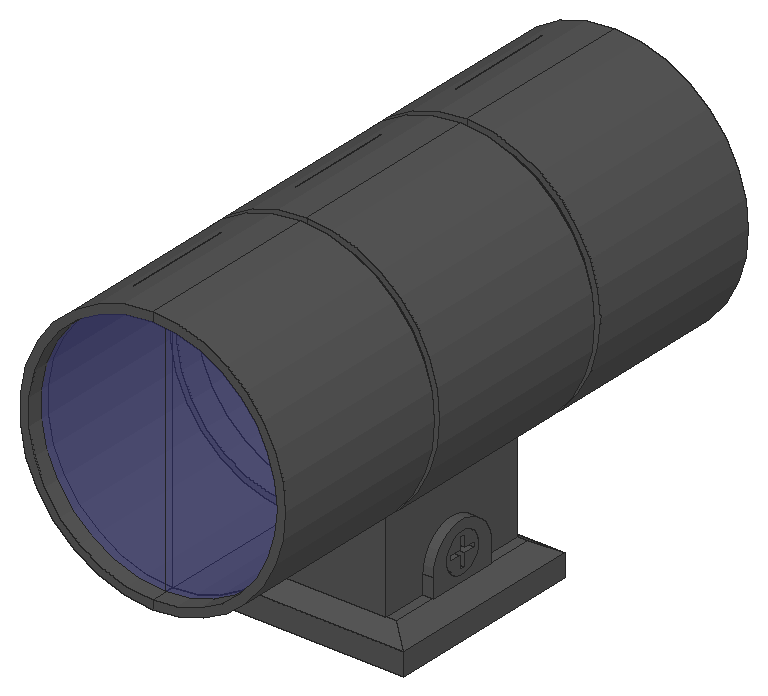
Revit family "CARLO CYLINDER LIGHT WALL MOUNT", category Lighting Fixtures, host Face, Revit 2020 (continued)
Types (10): name | Wattage_Input | Wattage Comments | Wattage | Photometric Web File | built-in parameter 1150142 | Model | built-in parameter 1150105 | Lumens | Light Length 1 | LIGHT RADIUS | LIGHT PLACEMENT | LIGHT LENGTH | LIGHT DIA | built-in parameter 1150106 | FIXED END HEIGHT | Curve base Height | Base Curve | BEAMING ANGLE | Apparent Load
    0.239 21.738 23.557 25.95 28.579 31.181 33.777 36.201 38.757 41.602 \r\n 45.017 47.897 54.548 70.373 90.974 113.82 138.71 164.33 191.45 220.81 \r\n 251.17 281.52 311.82 342.18 371.15 397.4 420.65 440.51 455.99 464.94 \r\n 470.58 475.44 479.5 483.77 487.74 491.12 494.26 497.4 500.59 504.01 \r\n 507.44 510.69 513.91 517.28 520.55 523.34 526.12 529.23 532.62 536.26 \r\n 540.39 545.2 550.78 557.21 564.72 573.48 583.74 595.5 609.74 627.36 \r\n 648.53 673.55 703 737.21 777.25 822.68 878.22 950.28 1033.4 1123.9 \r\n 1223.3 1330.4 1450.3 1588.7 1742.2 1909.4 2089.2 2282.7 2482.4 2680 \r\n 2878.8 3080.2 3282 3483.7 3682 3873.5 4057.9 4234.8 4401.6 4553.9 \r\n 4696.5 4835.5 4963.1 5073.2 5168.3 5248.4 5315.5 5370.9 5416 5452.4 \r\n 5509.6 \r\n5444.5 5347 5282 5208.3 5122.2 5019.4 4902.5 4772.8 4630 4474.8 \r\n 4306.1 4122.2 3926 3717.7 3503.2 3288.4 3073.7 2861.6 2652.2 2445.3 \r\n 2244.1 2051.4 1868.4 1695.9 1538.3 1400.1 1281.3 1187.8 1106.9 1026.3 \r\n 949.82 874.87 808.87 761.12 723.4 690.34 662.64 639.52 620.05 603 \r\n 588.54 576.62 566.63 557.94 550.51 544.19 538.77 534.02 529.76 525.6 \r\n 521.83 518.77 515.89 512.66 509.4 506.26 503.18 500.12 497.2 494.62 \r\n 492.19 489.82 487.5 485.25 483.01 480.89 478.43 475.05 471.16 467.4 \r\n 462.46 455.99 445.67 428.18 406.09 380.61 352.59 323.18 292.79 262.23 \r\n 231.44 200.29 169.88 140.79 114.56 93.602 75.909 59.306 46.697 41.915 \r\n 40.003 36.832 33.747 30.609 27.75 25.512 23.731 22.466 21.386 20.093 \r\n 18.837 17.783 16.787 15.739 14.698 13.688 12.713 11.787 10.902 10.058 \r\n 9.2446 8.4458 7.6844 6.9749 6.3268 5.7583 5.2583 4.8257 4.4497 4.124 \r\n 3.8343 3.5598 3.3132 3.1027 2.9206 2.765 2.6265 2.4935 2.3712 2.2624 \r\n 2.1631 2.0704 1.9844 1.9047 1.8303 1.7602 1.6942 1.633 1.5736 1.5126 \r\n 1.4521 1.3935 1.3362 1.2798 1.2247 1.1709 1.1188 1.0698 1.0205 0.96595 \r\n 0.9115 0.86132 0.81385 0.76948 0.72653 0.68315 0.64019 0.59715 0.55616 0.51965 \r\n 0.48623 0.45611 0.4269 0.39609 0.36435 0.33302 0.30119 0.26746 0.23467 0.20643 \r\n 0.17908 0.15041 0.11974 0.083213 0.048094 0.019569 0 0 0 0 \r\n 0 0 0 0 0 0.0016281 0.014796 0.058666 0.10711 0.13574 \r\n 0.15854 0.18224 0.20427 0.22255 0.24226 0.26963 0.29938 0.32829 0.35782 0.38838 \r\n 0.41978 0.45169 0.48486 0.52021 0.55694 0.59327 0.63305 0.68193 0.73283 0.77916 \r\n 0.82512 0.87269 0.92188 0.9744 1.0271 1.0761 1.1257 1.1799 1.2362 1.2929 \r\n 1.3524 1.4178 1.4855 1.5523 1.6203 1.689 1.7622 1.8443 1.9329 2.0252 \r\n 2.1265 2.2428 2.3687 2.4973 2.6389 2.8016 2.9856 3.1924 3.4266 3.6918 \r\n 3.9921 4.3288 4.7133 5.1606 5.6613 6.2082 6.8101 7.4831 8.1982 8.9195 \r\n 9.684 10.531 11.417 12.294 13.205 14.173 15.199 16.301 17.458 18.631 \r\n 19.904 21.295 22.957 25.132 27.576 30.163 32.78 35.151 37.637 40.477 \r\n 43.763 46.029 52.184 68.567 89.423 110.89 133.63 156.42 181.15 210.17 \r\n 240.94 271.73 302.48 332.87 361.92 388.62 412.63 433.66 450.61 461.38 \r\n 468.59 473.92 478.05 482.43 486.45 489.84 492.99 496.19 499.42 502.85 \r\n 506.26 509.43 512.58 515.98 519.35 522.4 525.43 528.61 532.04 535.82 \r\n 540.04 544.82 550.23 556.28 563.28 571.46 581.08 592.18 605.58 622.06 \r\n 641.82 665.12 692.53 724.31 761.63 803.69 856.71 929.86 1013.5 1100.3 \r\n 1192.9 1288.6 1396.9 1528.1 1676.4 1840.1 2017.1 2206.8 2403.1 2598.3 \r\n 2796 2998.6 3202.8 3406.9 3607.9 3802.4 3990.6 4173 4345.5 4502.4 \r\n 4649.4 4792.5 4925 5041.7 5143.3 5227.6 5298.5 5358.5 5408.2 5449.4 \r\n 5509.6 \r\n5444.5 5346.9 5281.9 5208.7 5123.2 5020.9 4904.5 4775.4 4633.5 4479.5 \r\n 4311.8 4127.5 3931.1 3724.6 3512.5 3299.4 3086.5 2876.5 2668.5 2461 \r\n 2258.6 2064.9 1880.8 1707.1 1548.1 1409.5 1289 1188.9 1101.3 1018.3 \r\n 942.35 871.91 810.51 762.82 723.96 690.64 662.78 639.52 619.91 602.6 \r\n 587.87 575.75 565.6 556.82 549.34 542.98 537.47 532.46 527.91 523.57 \r\n 519.68 516.57 513.69 510.52 507.31 504.15 501.03 497.91 494.98 492.48 \r\n 490.14 487.7 485.35 483.25 481.15 478.97 476.4 473.06 469.18 465.37 \r\n 460.12 452.7 441.28 422.92 400.19 374.41 346.29 316.76 286.37 256.07 \r\n 225.66 194.86 164.88 136.51 110.79 89.126 71.147 56.786 46.562 42.146 \r\n 40.013 36.814 33.683 30.538 27.676 25.411 23.6 22.315 21.223 19.936 \r\n 18.689 17.637 16.641 15.596 14.559 13.554 12.582 11.652 10.766 9.9327 \r\n 9.1344 8.3483 7.5965 6.8876 6.2399 5.6816 5.1918 4.7594 4.3828 4.0634 \r\n 3.7812 3.5123 3.2696 3.0602 2.8779 2.7216 2.5821 2.4485 2.3256 2.2161 \r\n 2.1163 2.0235 1.9375 1.8574 1.783 1.7137 1.6489 1.5893 1.531 1.4686 \r\n 1.4066 1.3478 1.2906 1.234 1.1789 1.1254 1.0739 1.0264 0.97847 0.924 \r\n 0.86975 0.82154 0.77599 0.73202 0.68862 0.64338 0.59944 0.55947 0.52242 0.48803 \r\n 0.45658 0.4297 0.40309 0.37183 0.33951 0.30941 0.27906 0.24577 0.21352 0.18697 \r\n 0.16141 0.13399 0.10375 0.06463 0.029078 0.0098721 0 0 0 0 \r\n 0 0 0 0 0 0 0.0078068 0.055564 0.10947 0.1415 \r\n 0.16643 0.19003 0.21127 0.22972 0.24945 0.27588 0.30465 0.33355 0.36402 0.39725 \r\n 0.43183 0.46631 0.50195 0.54009 0.579 0.61586 0.65518 0.70239 0.75186 0.79869 \r\n 0.84614 0.89652 0.94779 0.99855 1.0492 1.099 1.1499 1.2037 1.2593 1.315 \r\n 1.3737 1.4391 1.5067 1.5722 1.6385 1.7062 1.7779 1.8567 1.9422 2.0344 \r\n 2.1352 2.2475 2.3682 2.4926 2.6287 2.7821 2.9555 3.1507 3.3755 3.6405 \r\n 3.9384 4.2591 4.6222 5.0432 5.5236 6.0756 6.6818 7.3292 8.0162 8.7283 \r\n 9.4904 10.34 11.224 12.082 12.977 13.969 15.01 16.063 17.167 18.345 \r\n 19.607 20.918 22.448 24.398 26.644 29.212 31.852 34.191 36.631 39.444 \r\n 42.646 44.616 50.536 67.28 88.149 108.28 129.03 149.13 171.61 200.37 \r\n 231.59 262.82 293.98 324.4 353.48 380.58 405.26 427.28 445.48 458.05 \r\n 466.83 472.6 476.77 481.2 485.21 488.59 491.72 494.91 498.13 501.55 \r\n 504.92 507.97 511.04 514.47 517.95 521.26 524.56 527.86 531.38 535.32 \r\n 539.67 544.45 549.72 555.43 561.97 569.64 578.68 589.19 601.85 617.28 \r\n 635.72 657.41 682.91 712.35 747.18 786.48 837.43 911.26 994.94 1078 \r\n 1164.1 1249 1346.3 1470.5 1613.7 1773.9 1948 2133.6 2326.2 2519.1 \r\n 2716 2919.9 3126.4 3332.6 3536.2 3733.4 3925.1 4112.9 4291.2 4452.7 \r\n 4604 4751.1 4888 5011 5118.9 5207.4 5281.9 5346.4 5400.7 5446.5 \r\n 5509.6 \r\n5444.5 5350.8 5286.3 5214.1 5129.7 5028.1 4912.5 4784.5 4643.7 4491.1 \r\n 4324.7 4140.4 3944.3 3739.8 3530.1 3318.9 3107.7 2899.9 2693.4 2485.5 \r\n 2281.7 2086.5 1900.7 1725.2 1564.5 1424.9 1302.1 1194.8 1100.1 1014.4 \r\n 938.42 872.07 814.92 766.96 726.69 692.87 664.64 641.07 621.16 603.5 \r\n 588.42 576 565.61 556.67 549.07 542.62 536.97 531.68 526.83 522.31 \r\n 518.29 515.09 512.17 509.02 505.84 502.67 499.52 496.35 493.38 490.95 \r\n 488.67 486.15 483.74 481.78 479.82 477.58 474.94 471.66 467.82 463.99 \r\n 458.46 450.11 437.65 418.65 395.5 369.58 341.45 311.85 281.5 251.42 \r\n 221.33 190.82 161.2 133.47 108.15 85.648 67.233 54.9 46.84 42.597 \r\n 40.103 36.855 33.697 30.55 27.683 25.38 23.525 22.21 21.1 19.819 \r\n 18.585 17.531 16.531 15.489 14.456 13.455 12.485 11.551 10.663 9.8397 \r\n 9.0544 8.2786 7.5342 6.8257 6.1781 5.6275 5.1449 4.7109 4.3321 4.0169 \r\n 3.7404 3.4762 3.237 3.0284 2.8454 2.6878 2.5468 2.4122 2.2884 2.1779 \r\n 2.0773 1.984 1.8977 1.8171 1.7423 1.6736 1.6097 1.5511 1.4932 1.4296 \r\n 1.3662 1.3072 1.2501 1.1933 1.1381 1.0848 1.0338 0.98747 0.94064 0.88637 \r\n 0.8325 0.78627 0.74257 0.69875 0.65475 0.60802 0.56344 0.52626 0.49277 0.46052 \r\n 0.43094 0.40641 0.38159 0.35008 0.31751 0.28872 0.25989 0.22712 0.1954 0.17025 \r\n 0.1461 0.11964 0.089605 0.04782 0.01164 0.00094735 0 0 0 0 \r\n 0 0 0 0 0 0 0.00282 0.053668 0.1119 0.14688 \r\n 0.17376 0.19728 0.21798 0.23707 0.25727 0.28273 0.31036 0.3391 0.37039 0.40624 \r\n 0.44391 0.48063 0.5184 0.55924 0.60029 0.63769 0.67654 0.72211 0.77013 0.81725 \r\n 0.86593 0.91888 0.97208 1.0212 1.0699 1.1208 1.1729 1.2265 1.2813 1.3362 \r\n 1.3942 1.4595 1.5268 1.5911 1.6561 1.7228 1.7933 1.8693 1.9522 2.0444 \r\n 2.1449 2.2534 2.3693 2.4902 2.6216 2.7668 2.9307 3.1159 3.3326 3.5977 \r\n 3.8937 4.2 4.5435 4.9406 5.4023 5.9594 6.5698 7.1936 7.855 8.5616 \r\n 9.324 10.174 11.055 11.895 12.777 13.791 14.848 15.857 16.912 18.094 \r\n 19.351 20.605 22.027 23.762 25.814 28.357 31.019 33.343 35.757 38.526 \r\n 41.671 43.584 49.422 66.186 86.736 105.68 124.77 142.66 163.33 191.93 \r\n 223.61 255.22 286.75 317.19 346.32 373.78 399.05 421.84 441.09 455.27 \r\n 465.49 471.65 475.8 480.23 484.18 487.5 490.57 493.69 496.84 500.2 \r\n 503.51 506.44 509.41 512.85 516.44 519.98 523.53 526.97 530.61 534.71 \r\n 539.18 543.98 549.15 554.58 560.73 567.96 576.5 586.53 598.54 613.04 \r\n 630.28 650.52 674.29 701.6 734.2 771.3 820.48 894.17 977.02 1056.4 \r\n 1136.6 1212.3 1300.1 1418 1556.3 1713.1 1884.1 2065.7 2254.7 2445.8 \r\n 2642.3 2847.3 3055.7 3263.7 3469.4 3669.1 3864.1 4056.9 4240.6 4406.8 \r\n 4562.4 4713.2 4854 4982.8 5096.5 5189 5267.1 5335.6 5394.3 5444.3 \r\n 5509.6 \r\n5444.5 5365.3 5301.6 5230.5 5147.3 5046.4 4931.5 4804.4 4664.6 4513.2 \r\n 4347.7 4164.2 3968.9 3765.8 3557.6 3347.8 3138 2931.6 2726.2 2518.5 \r\n 2314 2116.3 1927.7 1750.3 1587.8 1446.3 1320.8 1208.2 1108.3 1019.6 \r\n 942.49 877.57 822.18 773.85 732.63 698.12 669.24 645.15 624.8 606.77 \r\n 591.36 578.6 567.89 558.71 550.9 544.25 538.39 532.85 527.77 523.1 \r\n 518.96 515.63 512.59 509.34 506.11 502.97 499.85 496.6 493.56 491.2 \r\n 488.98 486.4 483.93 482.12 480.33 478.12 475.51 472.36 468.64 464.88 \r\n 459.19 450.11 436.84 417.36 393.89 367.76 339.47 309.65 279.11 249.01 \r\n 218.94 188.43 158.82 131.2 105.89 82.864 64.272 53.345 46.773 42.685 \r\n 39.999 36.799 33.709 30.632 27.808 25.464 23.543 22.177 21.034 19.759 \r\n 18.54 17.477 16.469 15.429 14.402 13.402 12.434 11.498 10.61 9.7961 \r\n 9.0203 8.2475 7.5046 6.7989 6.1541 5.6067 5.1261 4.6905 4.3101 3.9968 \r\n 3.7233 3.4619 3.2249 3.0168 2.8334 2.6751 2.5332 2.3982 2.274 2.1626 \r\n 2.061 1.967 1.8802 1.7989 1.7236 1.6549 1.5909 1.5316 1.4729 1.4088 \r\n 1.3449 1.2858 1.2287 1.1718 1.1165 1.0631 1.0121 0.96583 0.91925 0.86525 \r\n 0.81196 0.76729 0.7249 0.68061 0.63587 0.5892 0.54506 0.50871 0.47631 0.44556 \r\n 0.41707 0.39199 0.3664 0.33499 0.30309 0.27592 0.24858 0.21626 0.18478 0.16043 \r\n 0.13703 0.11093 0.080825 0.03749 0.0010498 0 0 0 0 0 \r\n 0 0 0 0 0 0 0 0.050992 0.11003 0.14632 \r\n 0.1744 0.19796 0.21873 0.23936 0.26079 0.28536 0.31159 0.33981 0.3714 0.40935 \r\n 0.44924 0.48643 0.52451 0.56696 0.6095 0.64704 0.68551 0.73048 0.77787 0.82452 \r\n 0.87316 0.92721 0.98139 1.0297 1.0777 1.1294 1.1826 1.2363 1.2908 1.3456 \r\n 1.4033 1.468 1.5347 1.5989 1.6637 1.7303 1.8003 1.8749 1.9565 2.0486 \r\n 2.1487 2.2549 2.3682 2.4873 2.6164 2.7568 2.915 3.0946 3.3062 3.5687 \r\n 3.8605 4.1563 4.4869 4.8698 5.3198 5.8747 6.4829 7.0931 7.7425 8.4522 \r\n 9.2184 10.06 10.931 11.764 12.643 13.666 14.725 15.71 16.736 17.911 \r\n 19.154 20.366 21.714 23.3 25.213 27.722 30.383 32.704 35.098 37.798 \r\n 40.848 42.78 48.365 64.024 83.34 101.53 120.12 137.7 158.27 187.07 \r\n 219.04 250.87 282.61 313.25 342.64 370.52 396.3 419.64 439.55 454.71 \r\n 465.76 472.07 476.1 480.38 484.13 487.29 490.18 493.06 496 499.26 \r\n 502.5 505.27 508.11 511.57 515.22 518.81 522.42 525.98 529.74 533.92 \r\n 538.42 543.21 548.31 553.61 559.57 566.55 574.78 584.47 596.02 609.81 \r\n 626.14 645.26 667.7 693.47 724.4 759.93 807.16 877.9 957.34 1033.2 \r\n 1109.8 1181.7 1265.6 1379.2 1513.5 1666.8 1834.7 2013.1 2199.9 2391.4 \r\n 2589.1 2794.7 3003.6 3212.2 3418.8 3620.5 3818.4 4015.3 4203.6 4374.4 \r\n 4534.2 4688 4831.8 4964.4 5082 5178.6 5260.5 5332.2 5393.8 5446.9 \r\n 5509.6 \r\n5444.5 5389.5 5326.9 5257 5174.8 5074.5 4960.1 4833.9 4695.1 4544.2 \r\n 4379.5 4197.5 4003.7 3801.2 3593.6 3384.6 3175.6 2970 2765.2 2558.3 \r\n 2353.6 2153 1960.8 1781.4 1617 1472.8 1344.2 1228.5 1125.5 1034.1 \r\n 954.75 888.46 832.18 783.25 741.5 706.13 676.37 651.56 630.63 612.24 \r\n 596.54 583.41 572.33 562.83 554.72 547.77 541.65 535.91 530.67 525.89 \r\n 521.65 518.15 514.93 511.48 508.1 505.03 502 498.66 495.52 493.2 \r\n 491.05 488.41 485.91 484.24 482.64 480.56 478.07 475.11 471.56 467.96 \r\n 462.24 452.66 438.8 419 395.26 368.83 340.19 309.97 279.05 248.66 \r\n 218.32 187.51 157.58 129.56 103.93 80.786 62.334 52.107 46.258 42.34 \r\n 39.684 36.638 33.706 30.776 28.045 25.659 23.652 22.218 21.024 19.754 \r\n 18.55 17.475 16.451 15.413 14.392 13.393 12.424 11.491 10.607 9.7994 \r\n 9.029 8.2521 7.5051 6.805 6.1664 5.6175 5.1336 4.6968 4.3158 4.0026 \r\n 3.7295 3.4687 3.2323 3.0244 2.8412 2.6828 2.541 2.4063 2.2823 2.1701 \r\n 2.0674 1.9726 1.885 1.8032 1.7275 1.6581 1.5931 1.5314 1.4707 1.4067 \r\n 1.3435 1.2844 1.2272 1.1703 1.1148 1.0611 1.0095 0.96243 0.9152 0.8615 \r\n 0.80891 0.76526 0.72354 0.67824 0.63265 0.58759 0.54496 0.50741 0.47352 0.44347 \r\n 0.41521 0.38685 0.3581 0.32696 0.29656 0.27119 0.24528 0.21334 0.18188 0.15776 \r\n 0.13447 0.10799 0.077723 0.035315 0 0 0 0 0 0 \r\n 0 0 0 0 0 0 0 0.047786 0.10362 0.13947 \r\n 0.16801 0.19171 0.21315 0.23612 0.25949 0.28331 0.30798 0.33537 0.36676 0.40611 \r\n 0.44716 0.48299 0.51952 0.56236 0.6056 0.64293 0.68115 0.72662 0.77425 0.81971 \r\n 0.86701 0.92066 0.97482 1.0234 1.0718 1.1241 1.1779 1.232 1.287 1.3422 \r\n 1.4001 1.4636 1.5295 1.5945 1.6606 1.7277 1.7979 1.8727 1.9541 2.0459 \r\n 2.1454 2.2511 2.3639 2.4832 2.6122 2.7513 2.9079 3.0863 3.2955 3.5525 \r\n 3.8378 4.1272 4.4518 4.8308 5.276 5.8208 6.4201 7.0277 7.6791 8.3998 \r\n 9.173 9.9979 10.851 11.689 12.575 13.59 14.64 15.621 16.641 17.796 \r\n 19.012 20.196 21.502 23.009 24.843 27.307 29.943 32.272 34.653 37.267 \r\n 40.179 42.152 47.273 60.747 77.976 95.876 115.11 134.28 156.49 185.8 \r\n 217.89 249.75 281.54 312.54 342.4 370.74 396.95 420.63 440.83 456.29 \r\n 467.52 473.75 477.57 481.58 485.01 487.92 490.53 493.02 495.61 498.73 \r\n 501.88 504.46 507.16 510.63 514.3 517.73 521.21 524.87 528.74 532.9 \r\n 537.34 542.07 547.14 552.44 558.41 565.32 573.42 582.91 594.14 607.46 \r\n 623.17 641.51 663.04 687.86 717.65 752.17 797.2 862.25 935.81 1008.4 \r\n 1083.5 1157.2 1242.7 1354.4 1485.5 1635.2 1799.9 1976 2162.1 2356.1 \r\n 2556.5 2762.1 2970.2 3178 3384.6 3587.8 3788.2 3988.2 4180.1 4355.2 \r\n 4519.2 4675.5 4821.2 4955.4 5075.2 5175.8 5261.8 5335.6 5398.8 5453.7 \r\n 5509.6 \r\n5444.5 5415.2 5353.9 5285.3 5204.3 5105 4991.4 4866.2 4728.4 4578.1 \r\n 4414.3 4234.2 4042.3 3840.6 3633.4 3425.2 3217 3011.9 2807.5 2601.5 \r\n 2396.8 2193.2 1997.5 1816.2 1649.8 1502.3 1370.3 1252 1146.6 1052.8 \r\n 971.13 902.65 844.51 794.42 751.75 715.3 684.55 658.91 637.31 618.5 \r\n 602.48 588.93 577.45 567.59 559.15 551.88 545.48 539.56 534.2 529.33 \r\n 524.99 521.31 517.88 514.21 510.68 507.67 504.72 501.29 498.05 495.77 \r\n 493.66 490.95 488.41 486.84 485.38 483.41 481.06 478.27 474.88 471.44 \r\n 465.73 455.75 441.43 421.44 397.55 370.87 341.94 311.36 280.05 249.31 \r\n 218.63 187.44 157.14 128.75 102.87 79.745 61.455 51.465 45.847 42.001 \r\n 39.4 36.508 33.746 30.974 28.343 25.913 23.814 22.304 21.053 19.785 \r\n 18.595 17.503 16.462 15.426 14.41 13.409 12.438 11.509 10.63 9.827 \r\n 9.0587 8.2761 7.5241 6.8304 6.1982 5.6451 5.1553 4.7167 4.3349 4.0204 \r\n 3.7462 3.4847 3.2479 3.0399 2.8568 2.6984 2.5566 2.4225 2.2987 2.1858 \r\n 2.082 1.9862 1.8977 1.8155 1.7392 1.669 1.6028 1.5385 1.4755 1.4118 \r\n 1.3494 1.2904 1.233 1.1762 1.1206 1.0665 1.0143 0.96607 0.91799 0.86458 \r\n 0.81266 0.76972 0.72835 0.68191 0.63552 0.59246 0.55159 0.51233 0.47628 0.44652 \r\n 0.41808 0.38577 0.35328 0.32247 0.2937 0.26999 0.24533 0.21391 0.18259 0.15852 \r\n 0.13507 0.1081 0.077388 0.035089 0 0 0 0 0 0 \r\n 0 0 0 0 0 0 0 0.044309 0.096555 0.13145 \r\n 0.16005 0.18391 0.20621 0.2317 0.25722 0.28047 0.30372 0.33036 0.3614 0.40157 \r\n 0.44311 0.47709 0.51164 0.55433 0.59787 0.63505 0.67321 0.71939 0.76738 0.81151 \r\n 0.85722 0.91006 0.96393 1.0129 1.062 1.1148 1.1691 1.2237 1.2792 1.3351 \r\n 1.3932 1.4557 1.5206 1.5866 1.6539 1.7216 1.7923 1.8677 1.9495 2.0408 \r\n 2.1398 2.2454 2.3584 2.4785 2.6083 2.7475 2.9039 3.0828 3.2911 3.5423 \r\n 3.8209 4.1058 4.4272 4.8058 5.2488 5.7819 6.3707 6.9798 7.638 8.3718 \r\n 9.1525 9.9597 10.795 11.641 12.536 13.541 14.578 15.563 16.583 17.715 \r\n 18.904 20.074 21.356 22.807 24.578 26.991 29.593 31.943 34.332 36.87 \r\n 39.662 41.753 46.438 57.526 72.522 90.324 110.56 131.83 156.1 185.97 \r\n 218.09 249.89 281.65 313.01 343.33 372.07 398.62 422.49 442.78 458.26 \r\n 469.42 475.5 479.09 482.8 485.92 488.56 490.88 492.96 495.18 498.15 \r\n 501.2 503.61 506.16 509.63 513.29 516.53 519.84 523.58 527.54 531.63 \r\n 535.97 540.64 545.68 551.05 557.07 563.97 
